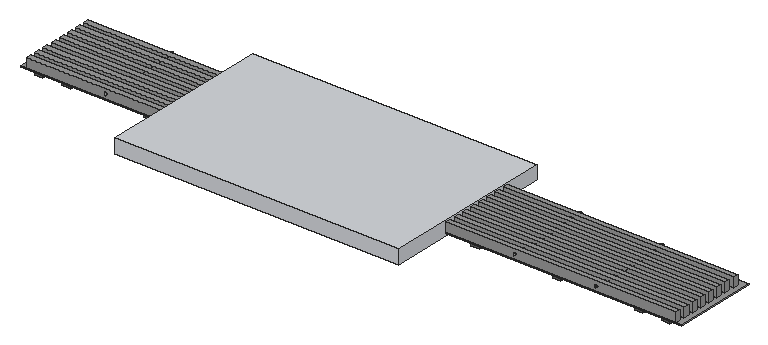
Revit family "1412-8, Veneer", category Generic Models, host Face, Revit 2020
Family settings
  Host = Face
  Can host rebar = No
  Round Connector Dimension = Use Diameter
  Part Type = Normal
  Cut with Voids When Loaded = No
  Shared = No
  Room Calculation Point = No
Parameters
  min_value [instance] = 2' - 4"  # constant formula
  max_value [instance] = 9' - 11 1/4"  # constant formula
  actual_value [instance] = if(NET LENGTH < min_value, min_value, if(NET LENGTH > max_value, max_value, NET LENGTH))  # 7' - 11 1/4"
  SCRIM MATERIAL [instance] = SCRIM
  SCRIM APPEARANCE [instance] = yes
  NET LENGTH [instance] = 7' - 11 1/4"
  IMPORTANT NOTE!!!                                                                             *Backer & dowel layout is for visualization purposes only, final layout to be determined by 9Wood. [instance] = ""
  Default Elevation = 4' - 0"
  DOWEL RADIUS [instance] = 0' - 0 1/4"  # constant formula
  BACKER & DOWEL MATERIAL [instance] = BLACK-BACKERS
  .. MEMBER WIDTH [instance] = 0' - 0 3/4"  # constant formula
  .. MEMBER MATERIAL [instance] = Veneer Cherry
  .. MEMBER DEPTH [instance] = 0' - 1 3/8"  # constant formula
  .. MEMBER COUNT [instance] = 8  # constant formula
Reference planes (in)
  plane 1 "Center (Front/Back)": y = 0
  plane 2: z = 0
  plane 3 "Center (Left/Right)": x = 0
Forms (in)
  Extrusion 1, solid
    sketch origin (0, 0, 0) x (1, 0, 0) y (0, 1, 0)
      loop
        line (-24.24823, 14.63962) -> (-24.24823, -10.69266) -> (17.36192, -10.69266) -> (17.36192, 14.63962) -> (-24.24823, 14.63962)
    from 0 to 2.0625
Dimensions and locks (in)
  aligned and locked: plane 2 to Extrusion 1
Nested families (in)
  nested 1: "1400 series" at (-44.01308, -2.1224, 0.00189), NET LENGTH <- "actual_value", .. MEMBER DEPTH <- ".. MEMBER DEPTH", .. MEMBER WIDTH <- ".. MEMBER WIDTH", DOWEL RADIUS <- "DOWEL RADIUS", BACKER & DOWEL MATERIAL <- "BACKER & DOWEL MATERIAL", .. MEMBER MATERIAL <- ".. MEMBER MATERIAL", SCRIM MATERIAL <- "SCRIM MATERIAL", MEMBER COUNT <- ".. MEMBER COUNT", SCRIM APPEARANCE <- "SCRIM APPEARANCE", type "1400 series"
    with X 7' - 8", SCRIM MATERIAL SCRIM, SCRIM LENGTH 8' - 1", SCRIM APPEARANCE yes, SCRIM 2 0' - 0 7/8", SCRIM 1 0' - 0 3/32", OC TYP 1' - 0", NET LENGTH 7' - 11 1/4", N 8, MEMBER COUNT 8, INSET 2 0' - 0 3/16", INSET 0' - 1", HALF MEMBER WIDTH 0' - 0 3/8", END BACKER yes, DOWEL RADIUS 0' - 0 1/4", DOWEL INDEX 0' - 11 5/8", DOWEL COUNT 7, BACKING M COUNT 8, BACKER WIDTH 0' - 1 1/4", BACKER INDEX 0' - 5 5/8", BACKER DEPTH 0' - 0 1/2", BACKER & DOWEL MATERIAL BLACK-BACKERS, BACKER &  DOWEL LENGTH 0' - 11 7/8", .. MEMBER WIDTH 0' - 0 3/4", .. MEMBER OC TYP 0' - 1 1/2", .. MEMBER MATERIAL Veneer Cherry, .. MEMBER DEPTH 0' - 1 3/8"
Definition of nested family "1400 series"
  Parameters (values of type "1400 series")
    X [instance] = NET LENGTH - 0' 3 1/4"  # 7' - 2"
    SCRIM MATERIAL [instance] = none
    SCRIM APPEARANCE [instance] = yes
    SCRIM 2 [instance] = 0' - 0 7/8"  # constant formula
    SCRIM 1 [instance] = 0' - 0 3/32"  # constant formula
    OC TYP [instance] = 1' - 0"  # constant formula
    N [instance] = if((X - (rounddown(X / 1' 0") * 1' 0")) > 1' 0", rounddown(X / 1' 0") + 2, rounddown(X / 1' 0") + 1)  # 8
    MEMBER COUNT [instance] = 2
    INSET 5 = 0' - 0 11/16"  # constant formula
    INSET 2 [instance] = 0' - 0 3/16"  # constant formula
    INSET [instance] = 0' - 1"  # constant formula
    END BACKER [instance] = BACKER INDEX > 0' 3 5/8"  # no
    HALF MEMBER WIDTH [instance] = .. MEMBER WIDTH / 2  # 0' - 1 1/8"
    Default Elevation = 0' - 0"
    DOWEL RADIUS [instance] = 0' - 0 1/4"
    DOWEL INDEX [instance] = BACKER INDEX + 0' 6"  # 0' - 8 5/8"
    DOWEL COUNT [instance] = N - 1  # 7
    BACKER WIDTH [instance] = 0' - 1 1/4"  # constant formula
    BACKER INDEX [instance] = (NET LENGTH - ((N - 1) * 1' 0")) / 2  # 0' - 2 5/8"
    BACKER DEPTH [instance] = 0' - 0 1/2"  # constant formula
    BACKING M COUNT [instance] = N  # 8
    BACKER & DOWEL MATERIAL [instance] = none
    BACKER &  DOWEL LENGTH [instance] = 0' - 11 7/8"  # constant formula
    SCRIM LENGTH [instance] = NET LENGTH + (SCRIM 2 * 2)  # 7' - 7"
    .. MEMBER WIDTH [instance] = 0' - 2 1/4"
    .. MEMBER OC TYP [instance] = 1' 0" / MEMBER COUNT  # 0' - 6"
    .. MEMBER MATERIAL [instance] = none
    NET LENGTH [instance] = 7' - 5 1/4"
    .. MEMBER DEPTH [instance] = 0' - 4"
  Reference planes (in)
    plane 1 "Center (Front/Back)": y = 0
    plane 2: z = 0
    plane 3 "Center (Left/Right)": x = 0
    plane 4: x = 89.25
    plane 5: x = 1
    plane 6: x = 88.25
    plane 7: x = 2.625
    plane 8: x = 8.625
    plane 9: x = 14.625
    plane 10: x = 20.625
    plane 11: y = 0.1875
    plane 12: y = 1.125
    plane 13: y = 7.125
    plane 14: y = 12.0625
    plane 15: x = 90.125
    plane 16: x = -0.875
    plane 17: y = 12.15625
    plane 18: y = -0.09375
    plane 19: z = 2.7097
    plane 20: z = 0.49811
    plane 21: z = 0.56061
    plane 22: z = 1.24811
  Lines and regions (in)
    model lines, not visible
      curve 1: line (8.625, 0, 0.99811) -> (8.625, 0, 1.49811)
      curve 2: line (8.625, 0, 1.49811) -> (8.375, 0, 1.24811)
      curve 3: line (8.375, 0, 1.24811) -> (8.875, 0, 1.24811)
      curve 4: line (20.625, 0, 0.99811) -> (20.625, 0, 1.49811)
      curve 5: line (20.625, 0, 1.49811) -> (20.375, 0, 1.24811)
      curve 6: line (20.375, 0, 1.24811) -> (20.875, 0, 1.24811)
      curve 7: line (32.625, 0, 0.99811) -> (32.625, 0, 1.49811)
      curve 8: line (32.625, 0, 1.49811) -> (32.375, 0, 1.24811)
      curve 9: line (32.375, 0, 1.24811) -> (32.875, 0, 1.24811)
      curve 10: line (44.625, 0, 0.99811) -> (44.625, 0, 1.49811)
      curve 11: line (44.625, 0, 1.49811) -> (44.375, 0, 1.24811)
      curve 12: line (44.375, 0, 1.24811) -> (44.875, 0, 1.24811)
      curve 13: line (56.625, 0, 0.99811) -> (56.625, 0, 1.49811)
      curve 14: line (56.625, 0, 1.49811) -> (56.375, 0, 1.24811)
      curve 15: line (56.375, 0, 1.24811) -> (56.875, 0, 1.24811)
      curve 16: line (68.625, 0, 0.99811) -> (68.625, 0, 1.49811)
      curve 17: line (68.625, 0, 1.49811) -> (68.375, 0, 1.24811)
      curve 18: line (68.375, 0, 1.24811) -> (68.875, 0, 1.24811)
      curve 19: line (80.625, 0, 0.99811) -> (80.625, 0, 1.49811)
      curve 20: line (80.625, 0, 1.49811) -> (80.375, 0, 1.24811)
      curve 21: line (80.375, 0, 1.24811) -> (80.875, 0, 1.24811)
  Dimensions and locks (in)
    "INSET": plane 3 "Center (Left/Right)" to plane 5
    "NET LENGTH": plane 3 "Center (Left/Right)" to plane 4
    "INSET": plane 6 to plane 4
    "BACKER INDEX": plane 3 "Center (Left/Right)" to plane 7
    "DOWEL INDEX": plane 3 "Center (Left/Right)" to plane 8
    "OC TYP": plane 7 to plane 9
    "OC TYP": plane 8 to plane 10
    "INSET 2": plane 1 "Center (Front/Back)" to plane 11
    equal spacing: group 1, group 2, group 5, group 6, group 7, group 13, group 14, group 16  (x3)
    equal spacing: group 3, group 4, group 8, group 9, group 10, group 15, group 17  (x3)
    group 11 to group 12 = 0' - 0"  (x2)
    group 11 to group 12 = 0' - 6"
    ".. MEMBER OC TYP": plane 13 to plane 12
    "HALF MEMBER WIDTH": plane 1 "Center (Front/Back)" to plane 12
    "SCRIM 2": plane 16 to plane 3 "Center (Left/Right)"
    "SCRIM 2": plane 4 to plane 15
    "SCRIM 1": plane 18 to plane 1 "Center (Front/Back)"
    "SCRIM 1": plane 17 to plane 14
    "INSET 5": plane 22 to plane 21
    aligned and locked: level to plane 2
    aligned and locked: plane 7 to nested 2
    aligned and locked: plane 5 to nested 1
    aligned and locked: plane 9 to nested 3
    aligned and locked: nested 1 to plane 5
    aligned and locked: nested 2 to plane 11
    aligned and locked: nested 1 to plane 11
    aligned and locked: nested 3 to plane 11
    aligned and locked: nested 4 to plane 11  (x2)
    aligned and locked: plane 10 to nested 5
    aligned and locked: plane 6 to nested 12
    aligned and locked: nested 5 to plane 11
    aligned and locked: plane 11 to nested 12
    aligned and locked: plane 12 to nested 13
    aligned and locked: nested 14 to plane 13
    aligned and locked: plane 14 to nested 8
    aligned and locked: plane 16 to nested 15
    aligned and locked: nested 15 to plane 18
    aligned and locked: nested 15 to plane 17
    aligned and locked: nested 15 to plane 16  (x2)
    aligned and locked: nested 1 to level
    aligned and locked: level to nested 3
    aligned and locked: plane 20 to nested 2
    aligned and locked: plane 20 to nested 1
    aligned and locked: plane 20 to nested 3
    aligned and locked: nested 12 to plane 20
    aligned and locked: nested 15 to plane 20
    aligned and locked: plane 21 to nested 15
    aligned and locked: nested 13 to plane 21
    aligned and locked: plane 22 to nested 4
    aligned and locked: plane 22 to nested 5
    aligned and locked: nested 13 to plane 8
    aligned and locked: plane 10 to nested 13
    aligned and locked: curve 1 to nested 13
    aligned and locked: nested 13 to curve 4
  Automatic sketch dimensions
    curve 3 to curve 1 = 0' - 0 1/4"  (x2)
    curve 1 to curve 3 = 0' - 0 1/4"
    curve 1 to curve 2 = 0' - 0 1/4"
    curve 6 to curve 4 = 0' - 0 1/4"  (x2)
    curve 4 to curve 6 = 0' - 0 1/4"
    curve 4 to curve 5 = 0' - 0 1/4"
    curve 9 to curve 7 = 0' - 0 1/4"  (x2)
    curve 7 to curve 9 = 0' - 0 1/4"
    curve 7 to curve 8 = 0' - 0 1/4"
    curve 12 to curve 10 = 0' - 0 1/4"  (x2)
    curve 10 to curve 12 = 0' - 0 1/4"
    curve 10 to curve 11 = 0' - 0 1/4"
    curve 15 to curve 13 = 0' - 0 1/4"  (x2)
    curve 13 to curve 15 = 0' - 0 1/4"
    curve 13 to curve 14 = 0' - 0 1/4"
    curve 18 to curve 16 = 0' - 0 1/4"  (x2)
    curve 16 to curve 18 = 0' - 0 1/4"
    curve 16 to curve 17 = 0' - 0 1/4"
    curve 21 to curve 19 = 0' - 0 1/4"  (x2)
    curve 19 to curve 21 = 0' - 0 1/4"
    curve 19 to curve 20 = 0' - 0 1/4"
  Nested families (in)
    nested 1: "INSTANCE - 3RD -  EXTEND BOTH SIDES - Parametric Cube.0001" at (1, 0.1875, 0.49811), Length <- "BACKER &  DOWEL LENGTH", Width <- "BACKER WIDTH", Height <- "BACKER DEPTH", Material <- "BACKER & DOWEL MATERIAL", visible <- "END BACKER", type "INSTANCE - 3RD -  EXTEND BOTH SIDES - Parametric Cube.0001"
      with Width 0' - 1 1/4", Material none, Length 0' - 11 7/8", Height 0' - 0 1/2"
    nested 2: "INSTANCE - 2ND -  EXTEND SIDE H CENTER W - Parametric Cube.0001" at (2.625, 0.1875, 0.49811), Width <- "BACKER WIDTH", Length <- "BACKER &  DOWEL LENGTH", Height <- "BACKER DEPTH", Material <- "BACKER & DOWEL MATERIAL", type "INSTANCE - 2ND -  EXTEND SIDE H CENTER W - Parametric Cube.0001"
      with Width 0' - 1 1/4", Material none, Length 0' - 11 7/8", Height 0' - 0 1/2"
    nested 3: "INSTANCE - 2ND -  EXTEND SIDE H CENTER W - Parametric Cube.0001" at (14.625, 0.1875, 0.49811), Width <- "BACKER WIDTH", Length <- "BACKER &  DOWEL LENGTH", Height <- "BACKER DEPTH", Material <- "BACKER & DOWEL MATERIAL", type "INSTANCE - 2ND -  EXTEND SIDE H CENTER W - Parametric Cube.0001"
      with Width 0' - 1 1/4", Material none, Length 0' - 11 7/8", Height 0' - 0 1/2"
    nested 4: "DOWEL" at (-1.375, 0.1875, 1.24811), DOWEL LENGTH <- "BACKER &  DOWEL LENGTH", DOWEL RADII <- "DOWEL RADIUS", BACKING MEM MATERIAL <- "BACKER & DOWEL MATERIAL", type "DOWEL"
      with DOWEL RADII 0' - 0 1/4", DOWEL LENGTH 0' - 11 7/8", BACKING MEM MATERIAL none
    nested 5: "DOWEL" at (10.625, 0.1875, 1.24811), DOWEL LENGTH <- "BACKER &  DOWEL LENGTH", DOWEL RADII <- "DOWEL RADIUS", BACKING MEM MATERIAL <- "BACKER & DOWEL MATERIAL", type "DOWEL"
      with DOWEL RADII 0' - 0 1/4", DOWEL LENGTH 0' - 11 7/8", BACKING MEM MATERIAL none
    nested 6: "INSTANCE - 2ND -  EXTEND SIDE H CENTER W - Parametric Cube.0001" at (26.625, 0.1875, 0.49811), Width <- "BACKER WIDTH", Length <- "BACKER &  DOWEL LENGTH", Height <- "BACKER DEPTH", Material <- "BACKER & DOWEL MATERIAL", type "INSTANCE - 2ND -  EXTEND SIDE H CENTER W - Parametric Cube.0001"
      with Width 0' - 1 1/4", Material none, Length 0' - 11 7/8", Height 0' - 0 1/2"
    nested 7: "INSTANCE - 2ND -  EXTEND SIDE H CENTER W - Parametric Cube.0001" at (38.625, 0.1875, 0.49811), Width <- "BACKER WIDTH", Length <- "BACKER &  DOWEL LENGTH", Height <- "BACKER DEPTH", Material <- "BACKER & DOWEL MATERIAL", type "INSTANCE - 2ND -  EXTEND SIDE H CENTER W - Parametric Cube.0001"
      with Width 0' - 1 1/4", Material none, Length 0' - 11 7/8", Height 0' - 0 1/2"
    nested 8: "INSTANCE - 2ND -  EXTEND SIDE H CENTER W - Parametric Cube.0001" at (50.625, 0.1875, 0.49811), Width <- "BACKER WIDTH", Length <- "BACKER &  DOWEL LENGTH", Height <- "BACKER DEPTH", Material <- "BACKER & DOWEL MATERIAL", type "INSTANCE - 2ND -  EXTEND SIDE H CENTER W - Parametric Cube.0001"
      with Width 0' - 1 1/4", Material none, Length 0' - 11 7/8", Height 0' - 0 1/2"
    nested 9: "DOWEL" at (22.625, 0.1875, 1.24811), DOWEL LENGTH <- "BACKER &  DOWEL LENGTH", DOWEL RADII <- "DOWEL RADIUS", BACKING MEM MATERIAL <- "BACKER & DOWEL MATERIAL", type "DOWEL"
      with DOWEL RADII 0' - 0 1/4", DOWEL LENGTH 0' - 11 7/8", BACKING MEM MATERIAL none
    nested 10: "DOWEL" at (34.625, 0.1875, 1.24811), DOWEL LENGTH <- "BACKER &  DOWEL LENGTH", DOWEL RADII <- "DOWEL RADIUS", BACKING MEM MATERIAL <- "BACKER & DOWEL MATERIAL", type "DOWEL"
      with DOWEL RADII 0' - 0 1/4", DOWEL LENGTH 0' - 11 7/8", BACKING MEM MATERIAL none
    nested 11: "DOWEL" at (46.625, 0.1875, 1.24811), DOWEL LENGTH <- "BACKER &  DOWEL LENGTH", DOWEL RADII <- "DOWEL RADIUS", BACKING MEM MATERIAL <- "BACKER & DOWEL MATERIAL", type "DOWEL"
      with DOWEL RADII 0' - 0 1/4", DOWEL LENGTH 0' - 11 7/8", BACKING MEM MATERIAL none
    nested 12: "INSTANCE - 3RD -  EXTEND BOTH SIDES - Parametric Cube.0001" at (88.25, 0.1875, 0.49811) x (-1, 0, 0) z (0, 0, 1), Width <- "BACKER WIDTH", Length <- "BACKER &  DOWEL LENGTH", Height <- "BACKER DEPTH", Material <- "BACKER & DOWEL MATERIAL", visible <- "END BACKER", type "INSTANCE - 3RD -  EXTEND BOTH SIDES - Parametric Cube.0001"
      with Width 0' - 1 1/4", Material none, Length 0' - 11 7/8", Height 0' - 0 1/2"
    nested 13: "HOLED MEMBER" at (0, -9.75, 8.12965), DOWEL INDEX <- "DOWEL INDEX", .. MEMBER LENGTH <- "NET LENGTH", .. MEMBER WIDTH <- ".. MEMBER WIDTH", DOWEL OC DIST <- "OC TYP", DOWEL RADII <- "DOWEL RADIUS", Material <- ".. MEMBER MATERIAL", DEPTH <- ".. MEMBER DEPTH", DOWEL COUNT <- "DOWEL COUNT", Space <- "INSET 5", type "HOLED MEMBER"
      with Space 0' - 0 11/16", Material none, Height 0' - 10.43096", HALF MEMBER WIDTH 0' - 1 1/8", DOWEL RADII 0' - 0 1/4", DOWEL OC DIST 1' - 0", DOWEL INDEX 0' - 8 5/8", DOWEL COUNT 7, DEPTH 0' - 4", .. MEMBER WIDTH 0' - 2 1/4", .. MEMBER LENGTH 7' - 5 1/4"
    nested 14: "HOLED MEMBER" at (0, -3.75, 8.12965), DOWEL INDEX <- "DOWEL INDEX", .. MEMBER LENGTH <- "NET LENGTH", .. MEMBER WIDTH <- ".. MEMBER WIDTH", DOWEL OC DIST <- "OC TYP", DOWEL RADII <- "DOWEL RADIUS", Material <- ".. MEMBER MATERIAL", DEPTH <- ".. MEMBER DEPTH", DOWEL COUNT <- "DOWEL COUNT", Space <- "INSET 5", type "HOLED MEMBER"
      with Space 0' - 0 11/16", Material none, Height 0' - 10.43096", HALF MEMBER WIDTH 0' - 1 1/8", DOWEL RADII 0' - 0 1/4", DOWEL OC DIST 1' - 0", DOWEL INDEX 0' - 8 5/8", DOWEL COUNT 7, DEPTH 0' - 4", .. MEMBER WIDTH 0' - 2 1/4", .. MEMBER LENGTH 7' - 5 1/4"
    nested 15: "INSTANCE - 3RD -  EXTEND BOTH SIDES - Parametric Cube.0001" at (-0.875, -0.09375, 0.56061), Width <- "SCRIM LENGTH", Material <- "SCRIM MATERIAL", visible <- "SCRIM APPEARANCE", type "INSTANCE - 3RD -  EXTEND BOTH SIDES - Parametric Cube.0001"
      with Width 7' - 7", Material none, Length 1' - 0 1/4", Height 0' - 0 1/16"
    nested 16: "INSTANCE - 2ND -  EXTEND SIDE H CENTER W - Parametric Cube.0001" at (62.625, 0.1875, 0.49811), Width <- "BACKER WIDTH", Length <- "BACKER &  DOWEL LENGTH", Height <- "BACKER DEPTH", Material <- "BACKER & DOWEL MATERIAL", type "INSTANCE - 2ND -  EXTEND SIDE H CENTER W - Parametric Cube.0001"
      with Width 0' - 1 1/4", Material none, Length 0' - 11 7/8", Height 0' - 0 1/2"
    nested 17: "INSTANCE - 2ND -  EXTEND SIDE H CENTER W - Parametric Cube.0001" at (74.625, 0.1875, 0.49811), Width <- "BACKER WIDTH", Length <- "BACKER &  DOWEL LENGTH", Height <- "BACKER DEPTH", Material <- "BACKER & DOWEL MATERIAL", type "INSTANCE - 2ND -  EXTEND SIDE H CENTER W - Parametric Cube.0001"
      with Width 0' - 1 1/4", Material none, Length 0' - 11 7/8", Height 0' - 0 1/2"
    nested 18: "DOWEL" at (58.625, 0.1875, 1.24811), DOWEL LENGTH <- "BACKER &  DOWEL LENGTH", DOWEL RADII <- "DOWEL RADIUS", BACKING MEM MATERIAL <- "BACKER & DOWEL MATERIAL", type "DOWEL"
      with DOWEL RADII 0' - 0 1/4", DOWEL LENGTH 0' - 11 7/8", BACKING MEM MATERIAL none
    nested 19: "INSTANCE - 2ND -  EXTEND SIDE H CENTER W - Parametric Cube.0001" at (86.625, 0.1875, 0.49811), Width <- "BACKER WIDTH", Length <- "BACKER &  DOWEL LENGTH", Height <- "BACKER DEPTH", Material <- "BACKER & DOWEL MATERIAL", type "INSTANCE - 2ND -  EXTEND SIDE H CENTER W - Parametric Cube.0001"
      with Width 0' - 1 1/4", Material none, Length 0' - 11 7/8", Height 0' - 0 1/2"
    nested 20: "DOWEL" at (70.625, 0.1875, 1.24811), DOWEL LENGTH <- "BACKER &  DOWEL LENGTH", DOWEL RADII <- "DOWEL RADIUS", BACKING MEM MATERIAL <- "BACKER & DOWEL MATERIAL", type "DOWEL"
      with DOWEL RADII 0' - 0 1/4", DOWEL LENGTH 0' - 11 7/8", BACKING MEM MATERIAL none
  Definition of nested family "INSTANCE - 3RD -  EXTEND BOTH SIDES - Parametric Cube.0001"
    Parameters (values of type "INSTANCE - 3RD -  EXTEND BOTH SIDES - Parametric Cube.0001")
      Width [instance] = 0' - 6"
      Material [instance] = none
      Length [instance] = 1' - 0"
      Height [instance] = 1' - 6"
      Default Elevation = 0' - 0"
    Reference planes (in)
      plane 1 "Center (Front/Back)": y = 0
      plane 2: z = 0
      plane 3 "Center (Left/Right)": x = 0
      plane 4: x = 6
      plane 5: y = 12
      plane 6: z = -18
    Forms (in)
      Extrusion 1, solid, material <- "Material"
        sketch origin (0, 6, 0) x (1, 0, 0) y (0, 1, 0)
          loop
            line (0, 6) -> (0, -6) -> (6, -6) -> (6, 6) -> (0, 6)
        from -18 to 0
    Dimensions and locks (in)
      "Height": plane 6 to level
      "Length": plane 1 "Center (Front/Back)" to plane 5
      "Width": plane 3 "Center (Left/Right)" to plane 4
      aligned and locked: plane 2 to level
      aligned and locked: Extrusion 1 sketch curve to plane 4
      aligned and locked: Extrusion 1 to plane 6
      aligned and locked: plane 5 to Extrusion 1
      aligned and locked: Extrusion 1 to plane 3 "Center (Left/Right)"
    Automatic sketch dimensions
      plane 1 "Center (Front/Back)" to Extrusion 1 sketch curve = 0' - 0"
      plane 5 to Extrusion 1 sketch curve = 0' - 0"
      Extrusion 1 sketch curve to plane 3 "Center (Left/Right)" = 0' - 0"
  Definition of nested family "INSTANCE - 2ND -  EXTEND SIDE H CENTER W - Parametric Cube.0001"
    Parameters (values of type "INSTANCE - 2ND -  EXTEND SIDE H CENTER W - Parametric Cube.0001")
      Width [instance] = 0' - 6"
      Material [instance] = none
      Length [instance] = 1' - 0"
      Height [instance] = 1' - 6"
      Default Elevation = 0' - 0"
    Reference planes (in)
      plane 1 "Center (Front/Back)": y = 0
      plane 2: z = 0
      plane 3 "Center (Left/Right)": x = 0
      plane 4: x = -3
      plane 5: x = 3
      plane 6: y = 12
      plane 7: z = -18
    Forms (in)
      Extrusion 1, solid, material <- "Material"
        sketch origin (0, 6, 0) x (1, 0, 0) y (0, 1, 0)
          loop
            line (-3, 6) -> (-3, -6) -> (3, -6) -> (3, 6) -> (-3, 6)
        from -18 to 0
    Dimensions and locks (in)
      equal spacing: plane 4, plane 3 "Center (Left/Right)", plane 5
      "Width": plane 4 to plane 5
      "Height": plane 7 to level
      "Length": plane 1 "Center (Front/Back)" to plane 6
      aligned and locked: plane 2 to level
      aligned and locked: plane 4 to Extrusion 1 sketch curve
      aligned and locked: Extrusion 1 sketch curve to plane 5
      aligned and locked: Extrusion 1 to plane 7
      aligned and locked: plane 6 to Extrusion 1
    Automatic sketch dimensions
      plane 1 "Center (Front/Back)" to Extrusion 1 sketch curve = 0' - 0"
      plane 6 to Extrusion 1 sketch curve = 0' - 0"
  Definition of nested family "DOWEL"
    Parameters (values of type "DOWEL")
      Default Elevation = 0' - 0"
      DOWEL RADII [instance] = 0' - 0 5/8"
      DOWEL LENGTH [instance] = 1' - 0"
      BACKING MEM MATERIAL [instance] = none
    Reference planes (in)
      plane 1 "Center (Front/Back)": y = 0
      plane 2: z = 0
      plane 3 "Center (Left/Right)": x = 0
      plane 4: y = 12
    Forms (in)
      Extrusion 1, solid, material <- "BACKING MEM MATERIAL"
        sketch origin (10, 0, 0) x (1, 0, 0) y (0, 0, 1)
          loop
            circle (0, 0) r 0.625
        from 0 to -12
      Extrusion 2, solid, not visible
        sketch origin (0, 0, 0) x (1, 0, 0) y (0, 0, 1)
          loop
            circle (0, 0) r 0.625
        from 0 to 12
      Extrusion 3, solid, not visible
        sketch origin (10, 0, 0) x (1, 0, 0) y (0, 0, 1)
          loop
            circle (0, 0) r 0.625
        from 0 to 2.5
      Extrusion 4, solid, not visible
        sketch origin (10, 0, 0) x (1, 0, 0) y (0, 0, 1)
          loop
            circle (0, 0) r 0.625
        from 0 to -12
    Lines and regions (in)
      model lines, not visible
        curve 1: line (-13, 0, 0) -> (-13, -12, 0)
        curve 2: line (13, 0, 0) -> (13, -12, 0)
        curve 3: line (9.89453, 0, 0) -> (10.08794, 0, 0)
        curve 4: line (9.89453, -2.5, 0) -> (10.08794, -2.5, 0)
        curve 6: line (10, 0, 0) -> (10, 2, 0)
      model lines
        curve 5: line (10, 0, 0) -> (10, 2, 0)
    Dimensions and locks (in)
      "DOWEL LENGTH": plane 1 "Center (Front/Back)" to plane 4
      "DOWEL RADII": radius of Extrusion 1 sketch curve
      "DOWEL RADII": radius of Extrusion 2 sketch curve
      "DOWEL RADII": radius of Extrusion 3 sketch curve
      "DOWEL RADII": radius of Extrusion 4 sketch curve
      "DOWEL RADII": radius of Extrusion 1
      aligned and locked: plane 2 to level
      aligned and locked: Extrusion 1 to plane 1 "Center (Front/Back)"  (x3)
      aligned and locked: plane 1 "Center (Front/Back)" to Extrusion 1
      aligned and locked: plane 4 to Extrusion 1
    Automatic sketch dimensions
      plane 1 "Center (Front/Back)" to curve 5 = 0' - 0"
      curve 5 to plane 1 "Center (Front/Back)" = 0' - 2"
      plane 3 "Center (Left/Right)" to curve 5 = 0' - 10"
      Extrusion 1 sketch curve to level = 0' - 0"
      plane 3 "Center (Left/Right)" to Extrusion 1 sketch curve = 0' - 10"
  Definition of nested family "HOLED MEMBER"
    Parameters (values of type "HOLED MEMBER")
      Space [instance] = 0' - 0 5/8"
      Material [instance] = none
      Height [instance] = 0' - 10.43096"
      HALF MEMBER WIDTH [instance] = .. MEMBER WIDTH / 2  # 0' - 0 5/16"
      Default Elevation = 0' - 0"
      DOWEL RADII [instance] = 0' - 0.34537"
      DOWEL OC DIST [instance] = 1' - 0"
      DOWEL INSET = 0' - 0 5/8"
      DOWEL INDEX [instance] = 0' - 5 5/8"
      DOWEL COUNT [instance] = 6
      DEPTH [instance] = 0' - 2"
      .. MEMBER WIDTH [instance] = 0' - 0 5/8"
      .. MEMBER LENGTH [instance] = 5' - 11 3/4"
    Reference planes (in)
      plane 1 "Center (Front/Back)": y = 12
      plane 2: z = -7.56904
      plane 3 "Center (Left/Right)": x = 0
      plane 4: x = 5.625
      plane 5: x = 17.625
      plane 6: y = 11.375
      plane 7: x = 71.75
      plane 8: y = 11.6875
      plane 9: z = -6.94404
      plane 10: z = -5.56904
    Forms (in)
      Extrusion 1, solid, material <- "Material"
        sketch origin (0, 12, -13.56904) x (1, 0, 0) y (0, 0, 1)
          loop
            line (0, 6) -> (71.75, 6) -> (71.75, 8) -> (0, 8) -> (0, 6)
        from 0.625 to 0
      Extrusion 2, void
        sketch origin (0, 12, -18.31904) x (1, 0, 0) y (0, 0, 1)
          loop
            circle (5.625, 11.375) r 0.34537
        from 0 to 12
      Extrusion 3, void, not visible
        sketch origin (0, 0, 0) x (1, 0, 0) y (0, 1, 0)
          loop
            circle (5.625, 11.375) r 0.34537
        from 0 to 12
      Extrusion 4, void, not visible
        sketch origin (0, 0, 0) x (1, 0, 0) y (0, 1, 0)
          loop
            circle (5.625, 11.375) r 0.34537
        from 0 to 12
      Extrusion 5, void, not visible
        sketch origin (12, 0, 0) x (1, 0, 0) y (0, 1, 0)
          loop
            circle (5.625, 11.375) r 0.34537
        from 0 to 12
      Extrusion 6, void, not visible
        sketch origin (0, 12, -17.56904) x (1, 0, 0) y (0, 0, 1)
          loop
            circle (5.625, 11.375) r 0.34537
        from 0 to 12
      Extrusion 7, void, not visible
        sketch origin (12, 12, -17.56904) x (1, 0, 0) y (0, 0, 1)
          loop
            circle (5.625, 11.375) r 0.34537
        from 0 to 12
      Extrusion 8, void, not visible
        sketch origin (0, 12, -19.56904) x (1, 0, 0) y (0, 0, 1)
          loop
            circle (5.625, 11.375) r 0.34537
        from 0 to 12
      Extrusion 9, void
        sketch origin (12, 12, -18.31904) x (1, 0, 0) y (0, 0, 1)
          loop
            circle (5.625, 11.375) r 0.34537
        from 0 to 12
      Extrusion 10, void
        sketch origin (24, 12, -18.31904) x (1, 0, 0) y (0, 0, 1)
          loop
            circle (5.625, 11.375) r 0.34537
        from 0 to 12
      Extrusion 11, void
        sketch origin (36, 12, -18.31904) x (1, 0, 0) y (0, 0, 1)
          loop
            circle (5.625, 11.375) r 0.34537
        from 0 to 12
      Extrusion 12, void
        sketch origin (48, 12, -18.31904) x (1, 0, 0) y (0, 0, 1)
          loop
            circle (5.625, 11.375) r 0.34537
        from 0 to 12
      Extrusion 13, void
        sketch origin (60, 12, -18.31904) x (1, 0, 0) y (0, 0, 1)
          loop
            circle (5.625, 11.375) r 0.34537
        from 0 to 12
      Extrusion 14, void, not visible
        sketch origin (24, 12, -17.56904) x (1, 0, 0) y (0, 0, 1)
          loop
            circle (5.625, 11.375) r 0.34537
        from 0 to 12
      Extrusion 15, void, not visible
        sketch origin (36, 12, -17.56904) x (1, 0, 0) y (0, 0, 1)
          loop
            circle (5.625, 11.375) r 0.34537
        from 0 to 12
      Extrusion 16, void, not visible
        sketch origin (48, 12, -17.56904) x (1, 0, 0) y (0, 0, 1)
          loop
            circle (5.625, 11.375) r 0.34537
        from 0 to 12
      Extrusion 17, void, not visible
        sketch origin (60, 12, -17.56904) x (1, 0, 0) y (0, 0, 1)
          loop
            circle (5.625, 11.375) r 0.34537
        from 0 to 12
      Extrusion 18, void, not visible
        sketch origin (24, 0, 0) x (1, 0, 0) y (0, 1, 0)
          loop
            circle (5.625, 11.375) r 0.34537
        from 0 to 12
      Extrusion 19, void, not visible
        sketch origin (36, 0, 0) x (1, 0, 0) y (0, 1, 0)
          loop
            circle (5.625, 11.375) r 0.34537
        from 0 to 12
      Extrusion 20, void, not visible
        sketch origin (48, 0, 0) x (1, 0, 0) y (0, 1, 0)
          loop
            circle (5.625, 11.375) r 0.34537
        from 0 to 12
      Extrusion 21, void, not visible
        sketch origin (60, 0, 0) x (1, 0, 0) y (0, 1, 0)
          loop
            circle (5.625, 11.375) r 0.34537
        from 0 to 12
    Cuts and joins
      Extrusion 2, Extrusion 9, Extrusion 10, Extrusion 11, Extrusion 12, Extrusion 13 cuts Extrusion 1
    Lines and regions (in)
      model lines, not visible
        curve 1: line (5.625, 11.72037, 0) -> (5.625, 11.02963, 0)
        curve 2: line (5.625, 11.72037, 0) -> (5.625, 11.02963, 0)
        curve 3: line (17.625, 11.72037, 0) -> (17.625, 11.02963, 0)
        curve 4: line (5.625, 12, -7.56904) -> (5.625, 11.87317, -7.56904)
        curve 5: line (5.625, 11.87317, -7.56904) -> (5.06195, 11.87317, -7.56904)
        curve 6: line (5.06195, 11.87317, -7.56904) -> (5.27963, 11.375, -7.56904)
        curve 7: line (0, 12, -6.19404) -> (0, 11.61951, -6.19404)
        curve 9: line (0, 11.375, -8.19404) -> (0, 11.6747, -8.19404)
        curve 10: line (5.625, 12, -7.56904) -> (5.625, 11.69863, -7.56904)
        curve 11: line (5.625, 12, -7.56904) -> (5.625, 11.69863, -7.56904)
        curve 12: line (5.625, 10.75, 0) -> (5.625, 10.75, 0.30137)
        curve 13: line (5.625, 10.75, 0) -> (5.625, 10.75, 0.30137)
        curve 14: line (17.625, 10.75, 0) -> (17.625, 10.75, 0.30137)
        curve 15: line (5.625, 12, -6.81904) -> (5.625, 11.69863, -6.81904)
        curve 16: line (17.625, 12, -6.81904) -> (17.625, 11.69863, -6.81904)
        curve 17: line (5.625, 12, -8.81904) -> (5.625, 11.69863, -8.81904)
        curve 18: line (17.625, 12, -7.56904) -> (17.625, 11.69863, -7.56904)
        curve 19: line (29.625, 12, -7.56904) -> (29.625, 11.69863, -7.56904)
        curve 20: line (41.625, 12, -7.56904) -> (41.625, 11.69863, -7.56904)
        curve 21: line (53.625, 12, -7.56904) -> (53.625, 11.69863, -7.56904)
        curve 22: line (65.625, 12, -7.56904) -> (65.625, 11.69863, -7.56904)
        curve 23: line (29.625, 12, -6.81904) -> (29.625, 11.69863, -6.81904)
        curve 24: line (41.625, 12, -6.81904) -> (41.625, 11.69863, -6.81904)
        curve 25: line (53.625, 12, -6.81904) -> (53.625, 11.69863, -6.81904)
        curve 26: line (65.625, 12, -6.81904) -> (65.625, 11.69863, -6.81904)
        curve 27: line (29.625, 11.72037, 0) -> (29.625, 11.02963, 0)
        curve 28: line (29.625, 10.75, 0) -> (29.625, 10.75, 0.30137)
        curve 29: line (41.625, 11.72037, 0) -> (41.625, 11.02963, 0)
        curve 30: line (41.625, 10.75, 0) -> (41.625, 10.75, 0.30137)
        curve 31: line (53.625, 11.72037, 0) -> (53.625, 11.02963, 0)
        curve 32: line (53.625, 10.75, 0) -> (53.625, 10.75, 0.30137)
        curve 33: line (65.625, 11.72037, 0) -> (65.625, 11.02963, 0)
        curve 34: line (65.625, 10.75, 0) -> (65.625, 10.75, 0.30137)
        curve 35: line (5.27963, 12, -6.94404) -> (5.97037, 12, -6.94404)
        curve 36: line (5.97037, 12, -6.94404) -> (5.625, 12, -6.59867)
        curve 37: line (5.625, 12, -6.59867) -> (5.625, 12, -7.28941)
        curve 38: line (5.27963, 11.375, 0) -> (5.97037, 11.375, 0)
        curve 39: line (5.97037, 11.375, 0) -> (5.625, 11.72037, 0)
        curve 40: line (5.625, 11.72037, 0) -> (5.625, 11.02963, 0)
        curve 41: line (5.27963, 11.375, 0) -> (5.97037, 11.375, 0)
        curve 42: line (5.97037, 11.375, 0) -> (5.625, 11.72037, 0)
        curve 43: line (5.625, 11.72037, 0) -> (5.625, 11.02963, 0)
        curve 44: line (17.27963, 11.375, 0) -> (17.97037, 11.375, 0)
        curve 45: line (17.97037, 11.375, 0) -> (17.625, 11.72037, 0)
        curve 46: line (17.625, 11.72037, 0) -> (17.625, 11.02963, 0)
        curve 47: line (5.27963, 12, -6.19404) -> (5.97037, 12, -6.19404)
        curve 48: line (5.97037, 12, -6.19404) -> (5.625, 12, -5.84867)
        curve 49: line (5.625, 12, -5.84867) -> (5.625, 12, -6.53941)
        curve 50: line (17.27963, 12, -6.19404) -> (17.97037, 12, -6.19404)
        curve 51: line (17.97037, 12, -6.19404) -> (17.625, 12, -5.84867)
        curve 52: line (17.625, 12, -5.84867) -> (17.625, 12, -6.53941)
        curve 53: line (5.27963, 12, -8.19404) -> (5.97037, 12, -8.19404)
        curve 54: line (5.97037, 12, -8.19404) -> (5.625, 12, -7.84867)
        curve 55: line (5.625, 12, -7.84867) -> (5.625, 12, -8.53941)
        curve 56: line (17.27963, 12, -6.94404) -> (17.97037, 12, -6.94404)
        curve 57: line (17.97037, 12, -6.94404) -> (17.625, 12, -6.59867)
        curve 58: line (17.625, 12, -6.59867) -> (17.625, 12, -7.28941)
        curve 59: line (29.27963, 12, -6.94404) -> (29.97037, 12, -6.94404)
        curve 60: line (29.97037, 12, -6.94404) -> (29.625, 12, -6.59867)
        curve 61: line (29.625, 12, -6.59867) -> (29.625, 12, -7.28941)
        curve 62: line (41.27963, 12, -6.94404) -> (41.97037, 12, -6.94404)
        curve 63: line (41.97037, 12, -6.94404) -> (41.625, 12, -6.59867)
        curve 64: line (41.625, 12, -6.59867) -> (41.625, 12, -7.28941)
        curve 65: line (53.27963, 12, -6.94404) -> (53.97037, 12, -6.94404)
        curve 66: line (53.97037, 12, -6.94404) -> (53.625, 12, -6.59867)
        curve 67: line (53.625, 12, -6.59867) -> (53.625, 12, -7.28941)
        curve 68: line (65.27963, 12, -6.94404) -> (65.97037, 12, -6.94404)
        curve 69: line (65.97037, 12, -6.94404) -> (65.625, 12, -6.59867)
        curve 70: line (65.625, 12, -6.59867) -> (65.625, 12, -7.28941)
        curve 71: line (29.27963, 12, -6.19404) -> (29.97037, 12, -6.19404)
        curve 72: line (29.97037, 12, -6.19404) -> (29.625, 12, -5.84867)
        curve 73: line (29.625, 12, -5.84867) -> (29.625, 12, -6.53941)
        curve 74: line (41.27963, 12, -6.19404) -> (41.97037, 12, -6.19404)
        curve 75: line (41.97037, 12, -6.19404) -> (41.625, 12, -5.84867)
        curve 76: line (41.625, 12, -5.84867) -> (41.625, 12, -6.53941)
        curve 77: line (53.27963, 12, -6.19404) -> (53.97037, 12, -6.19404)
        curve 78: line (53.97037, 12, -6.19404) -> (53.625, 12, -5.84867)
        curve 79: line (53.625, 12, -5.84867) -> (53.625, 12, -6.53941)
        curve 80: line (65.27963, 12, -6.19404) -> (65.97037, 12, -6.19404)
        curve 81: line (65.97037, 12, -6.19404) -> (65.625, 12, -5.84867)
        curve 82: line (65.625, 12, -5.84867) -> (65.625, 12, -6.53941)
        curve 83: line (29.27963, 11.375, 0) -> (29.97037, 11.375, 0)
        curve 84: line (29.97037, 11.375, 0) -> (29.625, 11.72037, 0)
        curve 85: line (29.625, 11.72037, 0) -> (29.625, 11.02963, 0)
        curve 86: line (41.27963, 11.375, 0) -> (41.97037, 11.375, 0)
        curve 87: line (41.97037, 11.375, 0) -> (41.625, 11.72037, 0)
        curve 88: line (41.625, 11.72037, 0) -> (41.625, 11.02963, 0)
        curve 89: line (53.27963, 11.375, 0) -> (53.97037, 11.375, 0)
        curve 90: line (53.97037, 11.375, 0) -> (53.625, 11.72037, 0)
        curve 91: line (53.625, 11.72037, 0) -> (53.625, 11.02963, 0)
        curve 92: line (65.27963, 11.375, 0) -> (65.97037, 11.375, 0)
        curve 93: line (65.97037, 11.375, 0) -> (65.625, 11.72037, 0)
        curve 94: line (65.625, 11.72037, 0) -> (65.625, 11.02963, 0)
      model lines
        curve 8: line (5.625, 12, -7.56904) -> (5.625, 11.69863, -7.56904)
    Dimensions and locks (in)
      "DOWEL INDEX": plane 3 "Center (Left/Right)" to plane 4
      "DOWEL OC DIST": plane 4 to plane 5
      ".. MEMBER LENGTH": plane 3 "Center (Left/Right)" to plane 7
      equal spacing: group 3, group 4, group 21, group 22, group 23, group 24  (x3)
      equal spacing: group 7, group 8, group 17, group 18, group 19, group 20  (x3)
      ".. MEMBER WIDTH": plane 6 to plane 1 "Center (Front/Back)"
      "HALF MEMBER WIDTH": plane 8 to plane 1 "Center (Front/Back)"
      equal spacing: group 1, group 12, group 13, group 14, group 15, group 16  (x2)
      equal spacing: group 16, group 15, group 14, group 13, group 12, group 1
      "DEPTH": plane 10 to level
      "Space": plane 9 to level
      "DOWEL RADII": radius of Extrusion 2 sketch curve
      "DOWEL RADII": radius of Extrusion 3 sketch curve
      "DOWEL RADII": radius of Extrusion 4 sketch curve
      "DOWEL RADII": radius of Extrusion 5 sketch curve
      "DOWEL RADII": radius of Extrusion 6 sketch curve
      "DOWEL RADII": radius of Extrusion 7 sketch curve
      "DOWEL RADII": radius of Extrusion 8 sketch curve
      "DOWEL RADII": radius of Extrusion 9 sketch curve
      "DOWEL RADII": radius of Extrusion 10 sketch curve
      "DOWEL RADII": radius of Extrusion 11 sketch curve
      "DOWEL RADII": radius of Extrusion 12 sketch curve
      "DOWEL RADII": radius of Extrusion 13 sketch curve
      "DOWEL RADII": radius of Extrusion 14 sketch curve
      "DOWEL RADII": radius of Extrusion 15 sketch curve
      "DOWEL RADII": radius of Extrusion 16 sketch curve
      "DOWEL RADII": radius of Extrusion 17 sketch curve
      "DOWEL RADII": radius of Extrusion 18 sketch curve
      "DOWEL RADII": radius of Extrusion 19 sketch curve
      "DOWEL RADII": radius of Extrusion 20 sketch curve
      "DOWEL RADII": radius of Extrusion 21 sketch curve
      aligned and locked: level to plane 2
      aligned and locked: Extrusion 1 to plane 3 "Center (Left/Right)"  (x2)
      aligned and locked: plane 7 to cut or joined group of Extrusion 1, Extrusion 2, Extrusion 9, Extrusion 10, Extrusion 11, Extrusion 12, Extrusion 13  (x2)
      aligned and locked: cut or joined group of Extrusion 1, Extrusion 2, Extrusion 9, Extrusion 10, Extrusion 11, Extrusion 12, Extrusion 13 to plane 1 "Center (Front/Back)"  (x2)
      aligned and locked: cut or joined group of Extrusion 1, Extrusion 2, Extrusion 9, Extrusion 10, Extrusion 11, Extrusion 12, Extrusion 13 to plane 6  (x2)
      aligned and locked: plane 4 to curve 11
      aligned and locked: curve 18 to plane 5
      aligned and locked: plane 4 to group 1
      aligned and locked: group 12 to plane 5
      aligned and locked: curve 35 to plane 9
      aligned and locked: plane 4 to curve 37
      aligned and locked: curve 56 to plane 9
      aligned and locked: curve 58 to plane 5
      aligned and locked: plane 10 to cut or joined group of Extrusion 1, Extrusion 2, Extrusion 9, Extrusion 10, Extrusion 11, Extrusion 12, Extrusion 13  (x2)
      aligned and locked: cut or joined group of Extrusion 1, Extrusion 2, Extrusion 9, Extrusion 10, Extrusion 11, Extrusion 12, Extrusion 13 to level
      aligned and locked: level to cut or joined group of Extrusion 1, Extrusion 2, Extrusion 9, Extrusion 10, Extrusion 11, Extrusion 12, Extrusion 13
    Automatic sketch dimensions
      curve 1 to curve 1 = 0' - 0.69074"
      curve 2 to curve 2 = 0' - 0.69074"
      curve 3 to curve 3 = 0' - 0.69074"
      Extrusion 1 sketch curve to plane 3 "Center (Left/Right)" = 0' - 0"
      Extrusion 1 sketch curve to plane 7 = 0' - 0"
      Extrusion 1 sketch curve to Extrusion 1 sketch curve = 0' - 2"
      Extrusion 1 sketch curve to level = 0' - 0"
      curve 8 to curve 8 = 0' - 0.30137"
      curve 10 to curve 10 = 0' - 0.30137"
      curve 8 to plane 4 = 0' - 0"
      plane 1 "Center (Front/Back)" to curve 8 = 0' - 0"
      plane 1 "Center (Front/Back)" to curve 8 = 0' - 0.30137"
      curve 11 to curve 11 = 0' - 0.30137"
      curve 12 to curve 12 = 0' - 0.30137"
      curve 13 to curve 13 = 0' - 0.30137"
      curve 14 to curve 14 = 0' - 0.30137"
      curve 15 to curve 15 = 0' - 0.30137"
      curve 16 to curve 16 = 0' - 0.30137"
      curve 17 to curve 17 = 0' - 0.30137"
      curve 18 to curve 18 = 0' - 0.30137"
      curve 19 to curve 19 = 0' - 0.30137"
      curve 20 to curve 20 = 0' - 0.30137"
      curve 21 to curve 21 = 0' - 0.30137"
      curve 22 to curve 22 = 0' - 0.30137"
      curve 23 to curve 23 = 0' - 0.30137"
      curve 24 to curve 24 = 0' - 0.30137"
      curve 25 to curve 25 = 0' - 0.30137"
      curve 26 to curve 26 = 0' - 0.30137"
      curve 27 to curve 27 = 0' - 0.69074"
      curve 28 to curve 28 = 0' - 0.30137"
      curve 29 to curve 29 = 0' - 0.69074"
      curve 30 to curve 30 = 0' - 0.30137"
      curve 31 to curve 31 = 0' - 0.69074"
      curve 32 to curve 32 = 0' - 0.30137"
      curve 33 to curve 33 = 0' - 0.69074"
      curve 34 to curve 34 = 0' - 0.30137"
      curve 37 to curve 35 = 0' - 0.34537"  (x2)
      curve 35 to curve 36 = 0' - 0.34537"
      curve 35 to curve 37 = 0' - 0.34537"
      curve 40 to curve 38 = 0' - 0.34537"  (x2)
      curve 38 to curve 39 = 0' - 0.34537"
      curve 38 to curve 40 = 0' - 0.34537"
      curve 43 to curve 41 = 0' - 0.34537"  (x2)
      curve 41 to curve 42 = 0' - 0.34537"
      curve 41 to curve 43 = 0' - 0.34537"
      curve 46 to curve 44 = 0' - 0.34537"  (x2)
      curve 44 to curve 45 = 0' - 0.34537"
      curve 44 to curve 46 = 0' - 0.34537"
      curve 49 to curve 47 = 0' - 0.34537"  (x2)
      curve 47 to curve 48 = 0' - 0.34537"
      curve 47 to curve 49 = 0' - 0.34537"
      curve 52 to curve 50 = 0' - 0.34537"  (x2)
      curve 50 to curve 51 = 0' - 0.34537"
      curve 50 to curve 52 = 0' - 0.34537"
      curve 55 to curve 53 = 0' - 0.34537"  (x2)
      curve 53 to curve 54 = 0' - 0.34537"
      curve 53 to curve 55 = 0' - 0.34537"
      curve 58 to curve 56 = 0' - 0.34537"  (x2)
      curve 56 to curve 57 = 0' - 0.34537"
      curve 56 to curve 58 = 0' - 0.34537"
      curve 61 to curve 59 = 0' - 0.34537"  (x2)
      curve 59 to curve 60 = 0' - 0.34537"
      curve 59 to curve 61 = 0' - 0.34537"
      curve 64 to curve 62 = 0' - 0.34537"  (x2)
      curve 62 to curve 63 = 0' - 0.34537"
      curve 62 to curve 64 = 0' - 0.34537"
      curve 67 to curve 65 = 0' - 0.34537"  (x2)
      curve 65 to curve 66 = 0' - 0.34537"
      curve 65 to curve 67 = 0' - 0.34537"
      curve 70 to curve 68 = 0' - 0.34537"  (x2)
      curve 68 to curve 69 = 0' - 0.34537"
      curve 68 to curve 70 = 0' - 0.34537"
      curve 73 to curve 71 = 0' - 0.34537"  (x2)
      curve 71 to curve 72 = 0' - 0.34537"
      curve 71 to curve 73 = 0' - 0.34537"
      curve 76 to curve 74 = 0' - 0.34537"  (x2)
      curve 74 to curve 75 = 0' - 0.34537"
      curve 74 to curve 76 = 0' - 0.34537"
      curve 79 to curve 77 = 0' - 0.34537"  (x2)
      curve 77 to curve 78 = 0' - 0.34537"
      curve 77 to curve 79 = 0' - 0.34537"
      curve 82 to curve 80 = 0' - 0.34537"  (x2)
      curve 80 to curve 81 = 0' - 0.34537"
      curve 80 to curve 82 = 0' - 0.34537"
      curve 85 to curve 83 = 0' - 0.34537"  (x2)
      curve 83 to curve 84 = 0' - 0.34537"
      curve 83 to curve 85 = 0' - 0.34537"
      curve 88 to curve 86 = 0' - 0.34537"  (x2)
      curve 86 to curve 87 = 0' - 0.34537"
      curve 86 to curve 88 = 0' - 0.34537"
      curve 91 to curve 89 = 0' - 0.34537"  (x2)
      curve 89 to curve 90 = 0' - 0.34537"
      curve 89 to curve 91 = 0' - 0.34537"
      curve 94 to curve 92 = 0' - 0.34537"  (x2)
      curve 92 to curve 93 = 0' - 0.34537"
      curve 92 to curve 94 = 0' - 0.34537"
